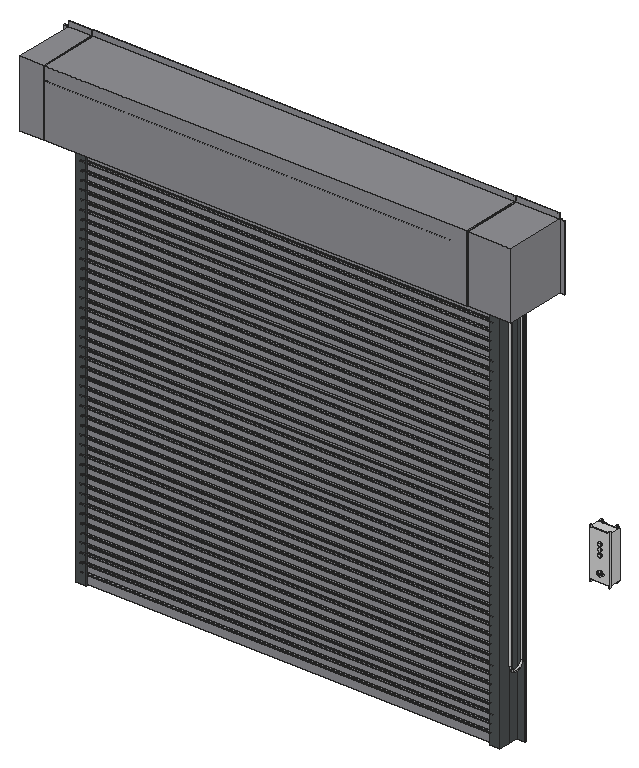
Revit family "Doors_Industrial_Overhead-Door-Corporation_EverServe-HD-Rolling-Steel-Service-Doors-620S_", category Specialty Equipment, host Wall, Revit 2019 (continued)
Definition of nested family "620S"
  Automatic sketch dimensions
    curve 1 to Extrusion 1 sketch curve = 2.62435"
    Extrusion 1 sketch curve to Extrusion 1 sketch curve = 0.03031"  (x4)
    curve 1 to Extrusion 1 sketch curve = 0.14423"
    Extrusion 1 sketch curve to Extrusion 1 sketch curve = 0.45387"
    Extrusion 1 sketch curve to Extrusion 1 sketch curve = 0.00007"  (x5)
    Extrusion 1 sketch curve to Extrusion 1 sketch curve = 0.00899"  (x5)
    Extrusion 1 sketch curve to Extrusion 1 sketch curve = 0.00552"  (x5)
    Extrusion 1 sketch curve to Extrusion 1 sketch curve = 0.04341"  (x3)
    Extrusion 1 sketch curve to Extrusion 1 sketch curve = 0.01303"  (x2)
    curve 1 to Extrusion 1 sketch curve = 2.71019"
    Extrusion 1 sketch curve to Extrusion 1 sketch curve = 5/256"  (x2)
    Extrusion 1 sketch curve to Extrusion 1 sketch curve = 0.02448"  (x3)
    Extrusion 1 sketch curve to Extrusion 1 sketch curve = 0.06"  (x5)
    Extrusion 1 sketch curve to Extrusion 1 sketch curve = 0.01261"  (x2)
    Extrusion 1 sketch curve to Extrusion 1 sketch curve = 2.10108"  (x4)
    Extrusion 1 sketch curve to Extrusion 1 sketch curve = 0.11957"  (x2)
    Extrusion 1 sketch curve to Extrusion 1 sketch curve = 0.09059"  (x2)
    Extrusion 1 sketch curve to Extrusion 1 sketch curve = 0.05819"  (x4)
    Extrusion 1 sketch curve to Extrusion 1 sketch curve = 1/128"  (x4)
    Extrusion 1 sketch curve to Extrusion 1 sketch curve = 0.09983"  (x2)
    Extrusion 1 sketch curve to Extrusion 1 sketch curve = 0.01046"  (x2)
    Extrusion 1 sketch curve to Extrusion 1 sketch curve = 0.00686"  (x2)
    Extrusion 1 sketch curve to Extrusion 1 sketch curve = 0.03144"  (x3)
    Extrusion 1 sketch curve to Extrusion 1 sketch curve = 0.01995"  (x3)
    Extrusion 1 sketch curve to Extrusion 1 sketch curve = 0.11917"  (x3)
    Extrusion 1 sketch curve to Extrusion 1 sketch curve = 0.09089"
    Extrusion 1 sketch curve to Extrusion 1 sketch curve = 0.09993"
    Extrusion 1 sketch curve to Extrusion 1 sketch curve = 0.01049"
    Extrusion 1 sketch curve to Extrusion 1 sketch curve = 0.00683"
    Extrusion 1 sketch curve to Extrusion 1 sketch curve = 0.07903"
    Extrusion 1 sketch curve to Extrusion 1 sketch curve = 0.01186"
    Extrusion 1 sketch curve to Extrusion 1 sketch curve = 0.05829"
    Extrusion 1 sketch curve to Extrusion 1 sketch curve = 0.05892"
    Extrusion 1 sketch curve to Extrusion 1 sketch curve = 0.00247"
    curve 1 to Extrusion 1 sketch curve = 4.8597"
    Extrusion 1 sketch curve to Extrusion 1 sketch curve = 0.0313"  (x2)
    Extrusion 1 sketch curve to Extrusion 1 sketch curve = 0.03156"
    curve 1 to Extrusion 1 sketch curve = 2.23417"
    Extrusion 1 sketch curve to Extrusion 1 sketch curve = 0.0005"
    plane 1 "Center (Front/Back)" to curve 1 = 4.98186"
    plane 1 "Center (Front/Back)" to curve 7 = 2.86663"
    curve 1 to curve 2 = 2.11523"
    curve 5 to curve 7 = 0"
    curve 3 to curve 2 = 0"  (x2)
    curve 6 to curve 7 = 0"
    curve 4 to curve 3 = 0"
    curve 2 to plane 6 = 7.10337"
    curve 5 to plane 6 = 7.10337"
    curve 4 to curve 5 = 0"
    curve 6 to curve 5 = 0"
    curve 7 to curve 5 = 0"
    curve 2 to curve 1 = 2.35433"
  Nested families (in)
    nested 1: "Perforation" at (0, 0.6, 0.894), visible <- "Integrated Cutout", type "Perforation"
      with Opening Width 128", Offset 1"
    nested 2: "Perforation" at (0, 0.6, 3.524), visible <- "Integrated Cutout", type "Perforation"
      with Opening Width 128", Offset 1"
    nested 3: "Perforation" at (0, 0.6, 6.154), visible <- "Integrated Cutout", type "Perforation"
      with Opening Width 128", Offset 1"
    nested 4: "Perforation" at (0, 0.6, 8.784), visible <- "Integrated Cutout", type "Perforation"
      with Opening Width 128", Offset 1"
    nested 5: "Perforation" at (0, 0.6, 11.414), visible <- "Integrated Cutout", type "Perforation"
      with Opening Width 128", Offset 1"
  Definition of nested family "Perforation"
    Parameters (values of type "Perforation")
      Perforation = none
      Opening Width = 123 5/8"
      Offset = 2"
      Height = 1"
      Default Elevation = 48"
    Reference planes (in)
      plane 1 "Center (Front/Back)": y = 0
      plane 2: z = 0
      plane 3 "Center (Left/Right)": x = 0
      plane 4: z = 0.5
      plane 5: z = -0.5
      plane 6: y = -0.03
      plane 7: y = 0.03
      plane 8: x = -61.8125
      plane 9: x = 61.8125
      plane 10: x = -59.8125
      plane 11: x = 59.8125
    Forms (in)
      Extrusion 1, solid, material <- "Perforation"
        sketch origin (0, -0.19, 0) x (0, 1, 0) y (0, 0, 1)
          loop
            line (0.16, 0.5) -> (0.16, -0.5) -> (0.22, -0.5) -> (0.22, 0.5) -> (0.16, 0.5)
        from -59.8125 to 59.8125
    Dimensions and locks (in)
      equal spacing: plane 4, level, plane 5
      "Height": plane 4 to plane 5
      equal spacing: plane 6, plane 1 "Center (Front/Back)", plane 7
      locked: plane 6 to plane 7 at 0.06
      "Opening Width": plane 8 to plane 9
      "Offset": plane 8 to plane 10
      "Offset": plane 9 to plane 11
      equal spacing: plane 8, plane 3 "Center (Left/Right)", plane 9
      aligned and locked: plane 2 to level
      aligned and locked: plane 4 to Extrusion 1
      aligned and locked: Extrusion 1 to plane 5
      aligned and locked: plane 6 to Extrusion 1
      aligned and locked: plane 7 to Extrusion 1
      aligned and locked: Extrusion 1 to plane 10
      aligned and locked: plane 11 to Extrusion 1
    Automatic sketch dimensions
      Extrusion 1 sketch curve to level = 1/2"
      plane 1 "Center (Front/Back)" to Extrusion 1 sketch curve = 0.03"
      Extrusion 1 sketch curve to plane 1 "Center (Front/Back)" = 0.03"
      plane 4 to Extrusion 1 sketch curve = 0"
Definition of nested family "Label Annotation 1"
  Parameters (values of type "Label Annotation 1-8")
    Label = "Area is too big. Please reduce Door Size."
  Reference planes (in)
    plane 1: y = 0
    plane 2: x = 0
  Text (in)
    label "Label" at (0.00375, -0.00345, 0), shows "Label"
Definition of nested family "Warning Sign"
  Parameters (values of type "Warning Sign")
    Warning Sign [instance] = no
    Default Elevation = 48"
  Reference planes (in)
    plane 1 "Center (Front/Back)": y = 0
    plane 2: z = 0
    plane 3 "Center (Left/Right)": x = 0
    plane 4: y = 0.5
    plane 5: y = -0.5
    plane 6: y = 1
    plane 7: y = 0.25
  Lines and regions (in)
    model lines
      curve 1: line (-2.26129, 1, 45.69444) -> (-26.3817, 1, 3.91667)
      curve 2: line (-25.25106, 1, 3.26389) -> (-1.13064, 1, 45.04167)
      curve 3: arc (2.26129, 1, 45.69444) -> (0, 1, 47) -> (-2.26129, 1, 45.69444) r 2.61111
      curve 4: arc (-1.13064, 1, 45.04167) -> (0, 1, 45.69444) -> (1.13064, 1, 45.04167) r 1.30556
      curve 5: line (1.13064, 1, 45.04167) -> (25.25106, 1, 3.26389)
      curve 6: line (26.3817, 1, 3.91667) -> (2.26129, 1, 45.69444)
      curve 7: arc (25.25106, 1, 3.26389) -> (25.25106, 1, 1.95833) -> (24.12041, 1, 1.30556) r 1.30556
      curve 8: arc (24.12041, 1, 0) -> (26.3817, 1, 1.30556) -> (26.3817, 1, 3.91667) r 2.61111
      curve 9: line (24.12041, 1, 1.30556) -> (-24.12041, 1, 1.30556)
      curve 10: line (-24.12041, 1, 0) -> (24.12041, 1, 0)
      curve 11: arc (-24.12041, 1, 1.30556) -> (-25.25106, 1, 1.95833) -> (-25.25106, 1, 3.26389) r 1.30556
      curve 12: arc (-26.3817, 1, 3.91667) -> (-26.3817, 1, 1.30556) -> (-24.12041, 1, 0) r 2.61111
      curve 13: arc (-2.29479, 1, 8.63537) -> (0, 1, 6.34057) -> (2.29479, 1, 8.63537) r 2.29479
      curve 14: arc (2.29479, 1, 8.63537) -> (0, 1, 10.93016) -> (-2.29479, 1, 8.63537) r 2.29479
      curve 15: arc (-1.6331, 1, 13.97069) -> (0.03439, 1, 12.53727) -> (1.69278, 1, 13.98121) r 1.68043
      curve 16: line (-3.77413, 1, 28.37873) -> (-1.6331, 1, 13.97069)
      curve 17: line (1.69278, 1, 13.98121) -> (3.73924, 1, 28.37873)
      curve 18: arc (3.73924, 1, 28.37873) -> (-0.01745, 1, 32.13541) -> (-3.77413, 1, 28.37873) r 3.75668
      curve 19: line (-2.26129, -0.5, 45.69444) -> (-26.3817, -0.5, 3.91667)
      curve 20: line (-25.25106, -0.5, 3.26389) -> (-1.13064, -0.5, 45.04167)
      curve 21: arc (2.26129, -0.5, 45.69444) -> (0, -0.5, 47) -> (-2.26129, -0.5, 45.69444) r 2.61111
      curve 22: arc (-1.13064, -0.5, 45.04167) -> (0, -0.5, 45.69444) -> (1.13064, -0.5, 45.04167) r 1.30556
      curve 23: line (1.13064, -0.5, 45.04167) -> (25.25106, -0.5, 3.26389)
      curve 24: line (26.3817, -0.5, 3.91667) -> (2.26129, -0.5, 45.69444)
      curve 25: arc (25.25106, -0.5, 3.26389) -> (25.25106, -0.5, 1.95833) -> (24.12041, -0.5, 1.30556) r 1.30556
      curve 26: arc (24.12041, -0.5, 0) -> (26.3817, -0.5, 1.30556) -> (26.3817, -0.5, 3.91667) r 2.61111
      curve 27: line (24.12041, -0.5, 1.30556) -> (-24.12041, -0.5, 1.30556)
      curve 28: line (-24.12041, -0.5, 0) -> (24.12041, -0.5, 0)
      curve 29: arc (-24.12041, -0.5, 1.30556) -> (-25.25106, -0.5, 1.95833) -> (-25.25106, -0.5, 3.26389) r 1.30556
      curve 30: arc (-26.3817, -0.5, 3.91667) -> (-26.3817, -0.5, 1.30556) -> (-24.12041, -0.5, 0) r 2.61111
      curve 31: arc (-2.29479, -0.5, 8.63537) -> (0, -0.5, 6.34057) -> (2.29479, -0.5, 8.63537) r 2.29479
      curve 32: arc (2.29479, -0.5, 8.63537) -> (0, -0.5, 10.93016) -> (-2.29479, -0.5, 8.63537) r 2.29479
      curve 33: arc (-1.6331, -0.5, 13.97069) -> (0.03439, -0.5, 12.53727) -> (1.69278, -0.5, 13.98121) r 1.68043
      curve 34: line (-3.77413, -0.5, 28.37873) -> (-1.6331, -0.5, 13.97069)
      curve 35: line (1.69278, -0.5, 13.98121) -> (3.73924, -0.5, 28.37873)
      curve 36: arc (3.73924, -0.5, 28.37873) -> (-0.01745, -0.5, 32.13541) -> (-3.77413, -0.5, 28.37873) r 3.75668
  Dimensions and locks (in)
    locked: plane 1 "Center (Front/Back)" to plane 4 at 0.5
    equal spacing: plane 1 "Center (Front/Back)", plane 7, plane 4
    locked: plane 4 to plane 6 at 0.5
    locked: plane 5 to plane 1 "Center (Front/Back)" at 0.5
    aligned and locked: plane 2 to level
  Automatic sketch dimensions
    curve 21 to curve 22 = 0"  (x2)
    curve 25 to curve 26 = 0"  (x2)
    curve 29 to curve 30 = 0"  (x2)
    curve 31 to curve 32 = 0"  (x2)
    curve 21 to plane 3 "Center (Left/Right)" = 0"
    curve 31 to plane 3 "Center (Left/Right)" = 0"
    curve 30 to level = 0"
    level to curve 27 = 1.30556"
    curve 26 to curve 27 = 1.30556"
    curve 29 to curve 27 = 1.30556"
    curve 23 to curve 25 = 0.65278"
    curve 20 to curve 29 = 0.65278"
    curve 24 to curve 23 = 0.65278"
    curve 19 to curve 20 = 0.65278"
    level to curve 32 = 8.63537"
    curve 34 to plane 3 "Center (Left/Right)" = 1.6331"
    curve 34 to curve 31 = 5.33532"
    plane 3 "Center (Left/Right)" to curve 35 = 1.69278"
    curve 35 to curve 34 = 0.01052"
    plane 3 "Center (Left/Right)" to curve 33 = 0.02908"
    curve 36 to plane 3 "Center (Left/Right)" = 0.01745"
    curve 36 to curve 33 = 14.16104"
    curve 22 to curve 36 = 16.01016"
    plane 3 "Center (Left/Right)" to curve 23 = 1.13064"
    curve 23 to curve 21 = 0.65278"
    curve 20 to plane 3 "Center (Left/Right)" = 1.13064"
    plane 3 "Center (Left/Right)" to curve 24 = 2.26129"
    curve 24 to curve 22 = 0.65278"
    curve 19 to plane 3 "Center (Left/Right)" = 2.26129"
    curve 34 to curve 36 = 3.75668"
    curve 30 to plane 3 "Center (Left/Right)" = 24.12041"
    plane 3 "Center (Left/Right)" to curve 25 = 24.12041"
    curve 31 to curve 31 = 2.29479"
    curve 3 to curve 4 = 0"  (x2)
    curve 7 to curve 8 = 0"  (x2)
    curve 11 to curve 12 = 0"  (x2)
    curve 13 to curve 14 = 0"  (x2)
    curve 3 to plane 3 "Center (Left/Right)" = 0"
    curve 13 to plane 3 "Center (Left/Right)" = 0"
    curve 12 to level = 0"
    level to curve 9 = 1.30556"
    curve 8 to curve 9 = 1.30556"
    curve 11 to curve 9 = 1.30556"
    curve 5 to curve 7 = 0.65278"
    curve 2 to curve 11 = 0.65278"
    curve 6 to curve 5 = 0.65278"
    curve 1 to curve 2 = 0.65278"
    level to curve 14 = 8.63537"
    curve 16 to plane 3 "Center (Left/Right)" = 1.6331"
    curve 16 to curve 13 = 5.33532"
    plane 3 "Center (Left/Right)" to curve 17 = 1.69278"
    curve 17 to curve 16 = 0.01052"
    plane 3 "Center (Left/Right)" to curve 15 = 0.02908"
    curve 18 to plane 3 "Center (Left/Right)" = 0.01745"
    curve 18 to curve 15 = 14.16104"
    curve 4 to curve 18 = 16.01016"
    plane 3 "Center (Left/Right)" to curve 5 = 1.13064"
    curve 5 to curve 3 = 0.65278"
    curve 2 to plane 3 "Center (Left/Right)" = 1.13064"
    plane 3 "Center (Left/Right)" to curve 6 = 2.26129"
    curve 6 to curve 4 = 0.65278"
    curve 1 to plane 3 "Center (Left/Right)" = 2.26129"
    curve 16 to curve 18 = 3.75668"
    curve 12 to plane 3 "Center (Left/Right)" = 24.12041"
    plane 3 "Center (Left/Right)" to curve 7 = 24.12041"
    curve 13 to curve 13 = 2.29479"
Types (6): name | Voltage | Number of Poles | Apparent Load Phase 3 | Apparent Load Phase 2 | Apparent Load Phase 1
  208 volts, one phase, 60 Hz (208-240V range) | 208 V | 1 | 0 VA | 0 VA | 4160 VA
  220 volts, one phase, 60 Hz (220-240V range) | 220 V | 1 | 0 VA | 0 VA | 4400 VA
  208 volts, three phase, 60 Hz (208-240V range) | 208 V | 3 | 2401.78 VA | 2401.78 VA | 2401.78 VA
  230 volts, three phase, 60 Hz (220-240V range) | 230 V | 3 | 2655.81 VA | 2655.81 VA | 2655.81 VA
  460 volts, three phase, 60 Hz (440-480 V range) | 460 V | 3 | 5311.62 VA | 5311.62 VA | 5311.62 VA
  575 volts, three phase, 60 Hz | 575 V | 3 | 6639.53 VA | 6639.53 VA | 6639.53 VA
